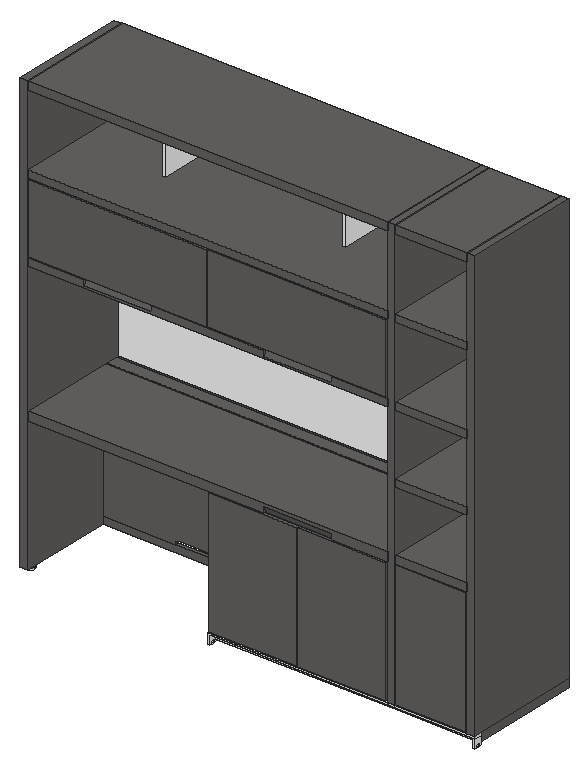
Revit family "Storage-Wall-Teknion-ZXRR_90_High_Without_Lights-R2011", category Furniture Systems, Revit 2013
Parameters (values of type "(See Type Catalog)")
  Working Wall Finish [instance] = Glass - Teknion - K6 - White Backpainted
  Width = 92.642"
  Warranty = "http://www.teknionstudio.com/pdfs/Teknion%20Studio%20Warranty.pdf"
  Wall Unit Finish [instance] = Veneer - Teknion - P7 - Grey Oak
  Unit Weight = 755.00 lbf
  URL = "www.teknionstudio.com"
  Tabletop Cutout Offset = if(Has Double Doors, 0", 4")  # 0"
  Storage Tower = Storage-Unit-Teknion-Tower : Upper Shelves & Lower Door
  Series = "B&B Italia"
  Product Page URL = "http://www.teknionstudio.com/acexecutive/"
  Product Line = "AC Executive"
  Product Documentation Link = "http://www.teknionstudio.com/pricing/ac_executive_storage_walls_ppg.pdf"
  Part Number = "ZXRR"
  Model = ""
  Manufacturer Phone = "919-464-2920"
  Manufacturer Fax = "919-464-2927"
  Manufacturer Email = "customersupport@teknionstudio.com"
  Manufacturer Address = "3940 US 70 Business HWY West, Clayton, NC 27520"
  Manufacturer = "Teknion Studio"  # constant formula
  Low Emitting Material = yes
  Low Emitting Finish = yes
  Height = 89.96"
  Has File File Drawers = not(Has Double Doors)  # no
  Has Double Doors = yes
  Description = ""
  Depth = 24"
  Assembly Code = "E2020200"
Reference planes (in)
  plane 1 "Center F/B": y = 0
  plane 2: z = 0
  plane 3 "Center L/R": x = 0
  plane 4 "Left": x = -46.321
  plane 5 "Right": x = 46.321
  plane 6 "Back": y = 12
  plane 7 "Front": y = -12
  plane 8 "Flip up Cabinets Top": z = 73.81394
  plane 9: x = 28.60446
  plane 10: z = 29.68402
  plane 11: z = 56.1289
  plane 12: x = -44.7815
  plane 13: z = 2.1289
  plane 14: x = -8.08858
  plane 15 "Foot Centerline": y = -11.2126
  plane 16 "Tabletop Cutout": y = -12
  plane 17 "Foot Centerline Front": y = -10.22835
  plane 18 "Foot Centerline Back": y = 10.22835
  plane 19 "Top": z = 89.96
  plane 20 "Center Lighting": y = -8.484
Forms (in)
  Sweep 1, solid, material "Veneer - Teknion - P7 - Grey Oak" <- "Wall Unit Finish"
    path origin (0, 0, 15.40683) x (-1, 0, 0) y (0, -1, 0)
      loop
        line (0, -12) -> (0, 12)
    profile origin (0, 0, 15.40683) x (1, 0, 0) y (0, 0, 1)
      loop
        line (-46.321, -14.81732) -> (-44.7815, -14.81732) -> (-44.7815, 74.55317) -> (-46.321, 74.55317) -> (-46.321, -14.81732)
  Sweep 2, solid, material "Metal - Teknion - C6 - Chrome"
    path origin (0, 0, 0) x (1, 0, 0) y (0, 0, 1)
      loop
        line (-8.08858, 0.05803) -> (-8.08858, 2.1289) -> (28.60446, 2.1289)
    profile origin (10.25794, 0, 2.1289) x (0, 0, 1) y (0, -1, 0)
      loop
        line (0, 12) -> (-0.394, 12) -> (-0.394, 10.4252) -> (0, 10.4252) -> (0, 12)
  Sweep 3, solid, material "Metal - Teknion - C6 - Chrome"
    path origin (0, 0, 0) x (1, 0, 0) y (0, 0, 1)
      loop
        line (-8.08858, 2.1289) -> (28.60446, 2.1289)
    profile origin (10.25794, 0, 2.1289) x (0, 0, 1) y (0, -1, 0)
      loop
        line (-0.394, 10.6222) -> (-1.5748, 10.6222) -> (-1.5748, 10.4252) -> (-0.394, 10.4252) -> (-0.394, 10.6222)
  Revolve 4, solid, material "Metal - Teknion - C6 - Chrome"
    sketch origin (0, -11.2126, 0) x (0, 0, -1) y (1, 0, 0)
      loop
        line (-0.4911, -7.89158) -> (-0.4911, -8.22623) -> (-0.45173, -8.2656) -> (-0.28492, -8.2656) -> (-0.24555, -8.22623) -> (-0.20618, -8.2656) -> (-0.03937, -8.2656) -> (0, -8.22623) -> (0, -7.89158) -> (-0.4911, -7.89158)
      axis (0, -7.89158) -> (-0.4911, -7.89158)
    angle from 0 to 360
  Sweep 5, solid, material "Veneer - Teknion - P7 - Grey Oak" <- "Wall Unit Finish"
    path origin (0, 0, 0) x (1, 0, 0) y (0, 0, 1)
      loop
        line (-44.7815, 29.68402) -> (28.60446, 29.68402)
    profile origin (-8.08852, 0, 29.68402) x (0, 0, 1) y (0, -1, 0)
      loop
        line (0, 12) -> (-1.7638, 12) -> (-1.7638, -7.11393) -> (-5.30827, -7.11393) -> (-5.30827, -7.08268) -> (-27.55512, -7.08268) -> (-27.55512, -7.11393) -> (-29.0945, -7.11393) -> (-29.0945, -7.80668) -> (-5.30828, -7.80668) -> (-5.30828, -12) -> (44.12992, -12) -> (44.12992, 12) -> (42.59055, 12) -> (42.59055, 11.2126) -> (27.98425, 11.2126) -> (27.98425, 12) -> (26.44488, 12) -> (26.44488, -10.94094) -> (0, -10.94094) -> (0, -10.90969) -> (-0.72441, -10.90969) -> (-0.72441, -10.56693) -> (0, -10.56693) -> (0, -8.05709) -> (-0.72441, -8.05709) -> (-0.72441, -7.80709) -> (0, -7.80709) -> (0, 12)
      loop
        line (60.27598, 12) -> (58.73661, 12) -> (58.73661, -12) -> (60.27598, -12) -> (60.27598, 12)
  Sweep 6, solid, material "Veneer - Teknion - P7 - Grey Oak" <- "Wall Unit Finish"
    path origin (0, 0, 0) x (1, 0, 0) y (0, 0, 1)
      loop
        line (-8.08858, 29.68402) -> (28.60446, 29.68402)
    profile origin (10.25794, 0, 29.68402) x (0, 0, 1) y (0, -1, 0)
      loop
        line (-1.7638, 11.27559) -> (-27.55512, 11.27559) -> (-27.55512, 10.4252) -> (-29.0945, 10.4252) -> (-29.0945, -12) -> (-1.7638, -12) -> (-1.7638, 11.27559)
  Sweep 7, solid, material "Veneer - Teknion - P7 - Grey Oak" <- "Wall Unit Finish"
    path origin (0, 0, 15.40683) x (-1, 0, 0) y (0, -1, 0)
      loop
        line (0, 12) -> (0, 11.276)
    profile origin (0, -11.638, 15.40683) x (-1, 0, 0) y (0, 0, 1)
      loop
        line (44.5315, 42.51144) -> (44.5315, 56.61773) -> (8.21358, 56.61773) -> (8.21358, 42.51144) -> (44.5315, 42.51144)
      loop
        line (7.96358, 56.61773) -> (-28.35446, 56.61773) -> (-28.35446, 42.51144) -> (7.96358, 42.51144) -> (7.96358, 56.61773)
  Sweep 8, solid, material "Veneer - Teknion - P7 - Grey Oak" <- "Wall Unit Finish", visible <- "Has Double Doors"
    path origin (0, 0, 15.40683) x (-1, 0, 0) y (0, -1, 0)
      loop
        line (0, 12) -> (0, 11.276)
    profile origin (0, -11.638, 15.40683) x (-1, 0, 0) y (0, 0, 1)
      loop
        line (7.83845, 12.26339) -> (-10.15274, 12.26339) -> (-10.15274, -13.03482) -> (7.83845, -13.03482) -> (7.83845, 12.26339)
      loop
        line (-10.40274, 12.26339) -> (-28.35446, 12.26339) -> (-28.35446, -13.02793) -> (-10.40274, -13.02793) -> (-10.40274, 12.26339)
  Sweep 9, solid, material "Veneer - Teknion - P7 - Grey Oak" <- "Wall Unit Finish", visible <- "Has File File Drawers"
    path origin (0, 0, 15.40683) x (-1, 0, 0) y (0, -1, 0)
      loop
        line (0, 12) -> (0, 11.276)
    profile origin (0, -11.638, 15.40683) x (-1, 0, 0) y (0, 0, 1)
      loop
        line (7.83845, 12.26339) -> (-28.35446, 12.26339) -> (-28.35446, 0.01144) -> (7.83845, 0.01144) -> (7.83845, 12.26339)
      loop
        line (-28.35446, -0.77597) -> (-28.35446, -13.03482) -> (7.83845, -13.03482) -> (7.83845, -0.77597) -> (-28.35446, -0.77597)
  Sweep 10, void
    path origin (0, 0, 0) x (1, 0, 0) y (0, 0, 1)
      loop
        line (3.38793, 29.68402) -> (17.16746, 29.68402)
    profile origin (10.27769, 0, 29.68402) x (0, 0, 1) y (0, -1, 0)
      loop
        line (-1.7638, 12) -> (-1.7638, 11.52756) -> (-0.66143, 12) -> (-1.7638, 12)
  Sweep 11, void
    path origin (0, 0, 0) x (1, 0, 0) y (0, 0, 1)
      loop
        line (-33.3248, 56.1289) -> (-19.54528, 56.1289)
    profile origin (-26.43504, 0, 56.1289) x (0, 0, 1) y (0, -1, 0)
      loop
        line (1.53937, 12) -> (0.43699, 12) -> (1.53937, 11.52755) -> (1.53937, 12)
  Sweep 12, void
    path origin (0, 0, 0) x (1, 0, 0) y (0, 0, 1)
      loop
        line (3.36811, 56.1289) -> (17.14764, 56.1289)
    profile origin (10.25787, 0, 56.1289) x (0, 0, 1) y (0, -1, 0)
      loop
        line (1.53937, 11.52755) -> (1.53937, 12) -> (0.43699, 12) -> (1.53937, 11.52755)
  Sweep 13, void
    path origin (0, 0, 15.40683) x (-1, 0, 0) y (0, -1, 0)
      loop
        line (0, -7.80668) -> (0, -7.08268)
    profile origin (0, 7.44468, 15.40683) x (1, 0, 0) y (0, 0, 1)
      loop
        line (-23.00998, 8.96892) -> (-29.89974, 8.96892) -> (-29.89974, 8.10396)
        arc (-29.89974, 8.10396) -> (-29.66912, 7.54718) -> (-29.11234, 7.31655) r 0.7874
        line (-29.11234, 7.31655) -> (-23.79738, 7.31655)
        arc (-23.79738, 7.31655) -> (-23.2406, 7.54718) -> (-23.00998, 8.10396) r 0.7874
        line (-23.00998, 8.10396) -> (-23.00998, 8.96892)
      loop
        line (-29.89974, -13.27793) -> (-23.00998, -13.27793) -> (-23.00998, -13.12045)
        arc (-23.00998, -13.12045) -> (-23.22907, -12.59152) -> (-23.75801, -12.37242) r 0.74803
        line (-23.75801, -12.37242) -> (-29.15171, -12.37242)
        arc (-29.15171, -12.37242) -> (-29.68065, -12.59152) -> (-29.89974, -13.12045) r 0.74803
        line (-29.89974, -13.12045) -> (-29.89974, -13.27793)
  Revolve 14, solid, material "Metal - Teknion - C6 - Chrome"
    sketch origin (0, -10.22835, 0) x (0, 0, 1) y (1, 0, 0)
      loop
        line (0, -45.55118) -> (0, -46.28917) -> (0.23622, -46.28917) -> (0.23622, -45.83352) -> (0.58951, -45.83352) -> (0.58951, -45.55118) -> (0, -45.55118)
      axis (0, -45.55118) -> (0.58951, -45.55118)
    angle from 0 to 360
  Revolve 15, solid, material "Metal - Teknion - C6 - Chrome"
    sketch origin (0, 10.22835, 0) x (0, 0, 1) y (1, 0, 0)
      loop
        line (0, -45.55118) -> (0, -46.28917) -> (0.23622, -46.28917) -> (0.23622, -45.83352) -> (0.58951, -45.83352) -> (0.58951, -45.55118) -> (0, -45.55118)
      axis (0, -45.55118) -> (0.58951, -45.55118)
    angle from 0 to 360
  Sweep 16, solid, material "Acrylic - Teknion - Clear"
    path origin (0, 0, 15.40683) x (-1, 0, 0) y (0, -1, 0)
      loop
        line (8.08858, -11.25197) -> (8.08858, 0.16535)
    profile origin (-8.08858, 5.54331, 15.40683) x (1, 0, 0) y (0, 0, 1)
      loop
        line (-18.64357, 73.0138) -> (-18.64357, 58.4071) -> (-18.04908, 58.4071) -> (-18.04908, 73.0138) -> (-18.64357, 73.0138)
      loop
        line (18.04935, 73.0138) -> (18.04935, 58.4071) -> (18.64383, 58.4071) -> (18.64383, 73.0138) -> (18.04935, 73.0138)
Cuts and joins
  joined: Sweep 2, Sweep 3, Revolve 4
  Sweep 10, Sweep 11, Sweep 12, Sweep 13 cuts Sweep 5
  joined: Sweep 5, Sweep 6
Lines and regions (in)
  Masking region 1
    outline origin (0, 0, 15.40683) x (-1, 0, 0) y (0, -1, 0)
      loop
        line (46.321, -12) -> (46.321, 12) -> (-28.60446, 12) -> (-28.60446, -12) -> (46.321, -12)
  symbolic lines, style "Elevation Swing"
    curve 1: line (-44.7815, -12, 57.66827) -> (-26.43504, -12, 72.02457)
    curve 2: line (-8.08858, -12, 57.66832) -> (-26.43504, -12, 72.02457)
    curve 3: line (-8.08858, 0, 57.66832) -> (10.25794, 0, 72.19583)
    curve 4: line (10.25794, 0, 72.19583) -> (28.60446, 0, 57.66827)
  symbolic lines, detail levels medium+fine
    curve 5: line (-44.7815, 12, 15.40683) -> (-44.7815, -12, 15.40683)
  symbolic lines, style "FurnitureSystemsHiddenLines", detail levels fine
    curve 6: line (28.60446, -11.276, 15.40683) -> (-44.7815, -11.276, 15.40683)
    curve 8: line (-8.08858, 12, 15.40683) -> (-8.08858, -12, 15.40683)
  symbolic lines, visible <- "Has Double Doors"
    curve 7: line (-8.08858, -12, 15.40683) -> (-8.08858, -30.34652, 15.40683)
    curve 9: arc (10.25794, -12, 15.40683) -> (15.63151, -24.97295, 15.40683) -> (28.60446, -30.34652, 15.40683) r 18.34652
    curve 10: line (28.60446, -12, 15.40683) -> (28.60446, -30.34652, 15.40683)
    curve 11: arc (-8.08858, -30.34652, 15.40683) -> (4.88437, -24.97295, 15.40683) -> (10.25794, -12, 15.40683) r 18.34652
  symbolic lines, style "FurnitureSystemsHiddenLines", visible <- "Has Double Doors"
    curve 12: line (10.15274, 0, 27.67022) -> (-7.83845, 0, 15.02111)
    curve 13: line (-7.83845, 0, 15.02111) -> (10.15274, 0, 2.37201)
    curve 14: line (10.40274, 0, 2.3789) -> (28.35446, 0, 15.02456)
    curve 15: line (28.35446, 0, 15.02456) -> (10.40274, 0, 27.67022)
Dimensions and locks (in)
  equal spacing: plane 4 "Left", plane 3 "Center L/R", plane 5 "Right"
  "Width": plane 4 "Left" to plane 5 "Right"
  equal spacing: plane 6 "Back", plane 1 "Center F/B", plane 7 "Front"
  "Depth": plane 6 "Back" to plane 7 "Front"
  locked: plane 9 to plane 5 "Right" at 17.71654
  "Height": plane 19 "Top" to plane 2
  locked: plane 10 to plane 2 at 29.68402
  locked: plane 11 to plane 10 at 26.44488
  locked: plane 13 to plane 2 at 2.1289
  locked: Sweep 2 sketch curve to plane 2 at 0.05803
  locked: plane 13 to Sweep 3 sketch curve at 0.394
  locked: Sweep 3 sketch curve to Sweep 3 sketch curve at 1.1808
  plane 7 "Front" to Sweep 3 sketch curve to Sweep 3 sketch curve = 1.3778" locked, 0.197" locked
  locked: Revolve 4 sketch curve to plane 2 at 0.4911
  locked: plane 14 to Revolve 4 sketch curve at 0.17702  (x2)
  Revolve 4 sketch curve to Revolve 4 sketch curve to Revolve 4 sketch curve to Revolve 4 sketch curve to Revolve 4 sketch curve to plane 2 = 0.16681" locked, 0.03937" locked, 0.03937" locked, 0.16681" locked, 0.03937" locked
  locked: Revolve 4 sketch curve to plane 14 at 0.197
  locked: plane 7 "Front" to plane 15 "Foot Centerline" at 0.7874
  locked: plane 13 to Sweep 5 sketch curve at 1.53939
  locked: plane 10 to Sweep 5 sketch curve at 1.7638
  locked: Sweep 1 sketch curve to plane 2 at 0.58951
  Sweep 6 sketch curve to Sweep 6 sketch curve to plane 6 "Back" = 23.27559", 0"
  locked: plane 10 to Sweep 6 sketch curve at 1.7638
  locked: plane 7 "Front" to Sweep 6 sketch curve at 1.5748
  locked: plane 14 to plane 3 "Center L/R" at 8.08858
  locked: plane 7 "Front" to Sweep 7 sketch curve at 0.724
  plane 8 "Flip up Cabinets Top" to Sweep 7 sketch curve to Sweep 7 sketch curve = 1.78937" locked, 14.1063" locked
  plane 8 "Flip up Cabinets Top" to Sweep 7 sketch curve to Sweep 7 sketch curve = 1.78937", 14.1063"
  Sweep 7 sketch curve to plane 3 "Center L/R" to Sweep 7 sketch curve to Sweep 7 sketch curve to Sweep 7 sketch curve = 28.35446" locked, 7.96358" locked, 1/4" locked, 36.31791" locked
  locked: plane 7 "Front" to Sweep 8 sketch curve at 0.724
  locked: plane 10 to Sweep 8 sketch curve at 2.0138  (x2)
  locked: Sweep 8 sketch curve to Sweep 8 sketch curve at 25.29821
  locked: Sweep 8 sketch curve to Sweep 8 sketch curve at 25.29132
  Sweep 8 sketch curve to Sweep 8 sketch curve to Sweep 8 sketch curve to Sweep 8 sketch curve to plane 14 = 17.95173" locked, 1/4" locked, 17.99118" locked, 0.25013" locked
  locked: plane 7 "Front" to Sweep 9 sketch curve at 0.724
  plane 10 to Sweep 9 sketch curve to Sweep 9 sketch curve to Sweep 9 sketch curve to Sweep 9 sketch curve = 2.0138" locked, 12.25195" locked, 0.7874" locked, 12.25886" locked
  Sweep 9 sketch curve to Sweep 9 sketch curve to plane 14 = 36.19291" locked, 0.25013" locked  (x2)
  Sweep 10 sketch curve to Sweep 10 sketch curve to plane 14 = 13.77953" locked, 11.47651" locked
  locked: plane 10 to Sweep 10 sketch curve at 1.7638
  locked: plane 16 "Tabletop Cutout" to Sweep 10 sketch curve at 0.47244
  "Tabletop Cutout Offset": plane 16 "Tabletop Cutout" to plane 7 "Front"
  Sweep 11 sketch curve to Sweep 11 sketch curve to plane 4 "Left" = 13.77953" locked, 12.9962" locked
  locked: Sweep 11 sketch curve to plane 11 at 1.53937
  locked: Sweep 11 sketch curve to plane 11 at 0.43699
  locked: plane 7 "Front" to Sweep 11 sketch curve at 0.47245
  Sweep 12 sketch curve to Sweep 12 sketch curve to plane 11 = 1.10238" locked, 0.43699" locked
  locked: plane 7 "Front" to Sweep 12 sketch curve at 0.47245
  locked: Sweep 13 sketch curve to plane 13 at 0.90551
  plane 14 to Sweep 13 sketch curve to Sweep 13 sketch curve = 14.92139" locked, 6.88976" locked  (x2)
  plane 10 to Sweep 13 sketch curve to Sweep 13 sketch curve = 5.30827" locked, 1 167/256" locked
  plane 6 "Back" to Sweep 13 sketch curve to Sweep 13 sketch curve = 4.19332" locked, 0.724" locked
  locked: Revolve 14 sketch curve to plane 4 "Left" at 0.76982
  Revolve 14 sketch curve to Revolve 14 sketch curve to plane 2 = 0.35329" locked, 0.23622" locked
  locked: Revolve 14 sketch curve to plane 4 "Left" at 0.03183
  locked: Revolve 15 sketch curve to plane 4 "Left" at 0.76982
  Revolve 15 sketch curve to Revolve 15 sketch curve to plane 2 = 0.35329" locked, 0.23622" locked
  locked: Revolve 15 sketch curve to plane 4 "Left" at 0.03183
  equal spacing: plane 14, curve 2, plane 12
  equal spacing: plane 9, curve 4, plane 14
  locked: plane 7 "Front" to curve 6 at 0.724
  plane 6 "Back" to Sweep 16 sketch curve to Sweep 16 sketch curve = 0.74803" locked, 11.41732" locked
  Sweep 16 sketch curve to Sweep 16 sketch curve to plane 14 = 0.59449" locked, 18.04935" locked
  plane 14 to Sweep 16 sketch curve to Sweep 16 sketch curve = 18.04908" locked, 0.59449" locked
  locked: plane 19 "Top" to Sweep 5 sketch curve at 1.53937
  locked: plane 8 "Flip up Cabinets Top" to Sweep 5 sketch curve at 1.53937
  locked: Sweep 5 sketch curve to plane 11 at 1.53937
  locked: plane 4 "Left" to plane 12 at 1.5395
  locked: plane 19 "Top" to plane 8 "Flip up Cabinets Top" at 16.14606
  locked: plane 6 "Back" to plane 18 "Foot Centerline Back" at 1.77165
  locked: plane 17 "Foot Centerline Front" to plane 7 "Front" at 1.77165
  plane 12 to plane 14 = 36.69291"
  locked: plane 7 "Front" to plane 20 "Center Lighting" at 3.516
  locked: plane 13 to Sweep 2 sketch curve at 0.394
  locked: plane 7 "Front" to Sweep 2 sketch curve at 1.5748
  aligned and locked: level to plane 2
  aligned and locked: nested 1 to plane 5 "Right"
  aligned and locked: plane 6 "Back" to Sweep 1 sketch curve
  aligned and locked: plane 7 "Front" to Sweep 1 sketch curve
  aligned and locked: Sweep 1 sketch curve to plane 3 "Center L/R"
  aligned and locked: plane 4 "Left" to Sweep 1 sketch curve  (x2)
  aligned and locked: Sweep 2 sketch curve to plane 13  (x2)
  aligned and locked: Sweep 2 sketch curve to plane 7 "Front"
  aligned and locked: Sweep 3 sketch curve to plane 13
  aligned and locked: plane 2 to Revolve 4 sketch curve
  aligned and locked: Revolve 4 sketch curve to plane 2
  aligned and locked: plane 12 to Sweep 5 sketch curve
  aligned and locked: plane 9 to Sweep 5 sketch curve
  aligned and locked: Sweep 5 sketch curve to plane 10  (x3)
  aligned and locked: Sweep 5 sketch curve to plane 7 "Front"  (x3)
  aligned and locked: plane 6 "Back" to Sweep 5 sketch curve
  aligned and locked: Sweep 6 sketch curve to plane 10
  aligned and locked: plane 13 to Sweep 6 sketch curve
  aligned and locked: plane 3 "Center L/R" to Sweep 7 sketch curve
  aligned and locked: plane 7 "Front" to Sweep 7 sketch curve
  aligned and locked: Sweep 5 sketch curve to plane 11
  aligned and locked: plane 3 "Center L/R" to Sweep 8 sketch curve
  aligned and locked: plane 7 "Front" to Sweep 8 sketch curve
  aligned and locked: plane 7 "Front" to Sweep 9 sketch curve
  aligned and locked: plane 3 "Center L/R" to Sweep 9 sketch curve
  aligned and locked: Sweep 10 sketch curve to plane 10
  aligned and locked: plane 16 "Tabletop Cutout" to Sweep 10 sketch curve
  aligned and locked: Sweep 11 sketch curve to plane 11
  aligned and locked: Sweep 12 sketch curve to plane 11
  aligned and locked: Sweep 12 sketch curve to plane 7 "Front"
  aligned and locked: Sweep 13 sketch curve to plane 3 "Center L/R"
  aligned and locked: Sweep 13 sketch curve to plane 13
  aligned and locked: plane 2 to Revolve 14 sketch curve
  aligned and locked: Revolve 15 sketch curve to plane 2
  aligned and locked: plane 12 to curve 1
  aligned and locked: plane 14 to curve 2
  aligned and locked: Sweep 7 to curve 2
  aligned and locked: plane 9 to curve 4
  aligned and locked: plane 14 to curve 3
  aligned and locked: Masking region 1 sketch curve to plane 6 "Back"
  aligned and locked: plane 4 "Left" to Masking region 1 sketch curve
  aligned and locked: Masking region 1 sketch curve to plane 7 "Front"
  aligned and locked: Masking region 1 sketch curve to nested 1
  aligned and locked: plane 6 "Back" to curve 5
  aligned and locked: plane 7 "Front" to curve 5
  aligned and locked: curve 5 to plane 12
  aligned and locked: plane 9 to curve 6
  aligned and locked: curve 8 to plane 14
  aligned and locked: plane 7 "Front" to Sweep 11 sketch curve
  aligned and locked: Sweep 1 sketch curve to plane 19 "Top"
  aligned and locked: Sweep 16 sketch curve to plane 14
  aligned and locked: plane 8 "Flip up Cabinets Top" to Sweep 16 sketch curve  (x2)
  aligned and locked: Sweep 5 sketch curve to plane 8 "Flip up Cabinets Top"
  aligned and locked: Sweep 5 sketch curve to plane 6 "Back"
  aligned and locked: Sweep 5 sketch curve to plane 19 "Top"
  aligned and locked: Sweep 5 sketch curve to plane 15 "Foot Centerline"
  aligned and locked: plane 7 "Front" to Sweep 5 sketch curve
  aligned and locked: plane 2 to nested 1
  aligned and locked: Sweep 1 sketch curve to plane 12
  aligned and locked: plane 1 "Center F/B" to nested 1
  aligned and locked: curve 10 to plane 9
  aligned and locked: curve 8 to curve 7
  aligned and locked: plane 9 to Sweep 2 sketch curve
  aligned and locked: Sweep 2 sketch curve to plane 14
  aligned and locked: plane 14 to Sweep 3 sketch curve
  aligned and locked: plane 9 to Sweep 3 sketch curve
  aligned and locked: plane 14 to Sweep 6 sketch curve
  aligned and locked: plane 9 to Sweep 6 sketch curve
  aligned and locked: plane 7 "Front" to curve 10
  aligned and locked: Sweep 8 to plane 7 "Front"
  aligned and locked: plane 7 "Front" to curve 9
  aligned and locked: plane 6 "Back" to curve 8
  aligned and locked: plane 7 "Front" to curve 8
Automatic sketch dimensions
  Sweep 6 sketch curve to Sweep 6 sketch curve = 1.53939"
  profile plane to Sweep 10 sketch curve = 0.66143"
  plane 3 "Center L/R" to Sweep 12 sketch curve = 3.36811"
  Sweep 12 sketch curve to plane 9 = 11.45683"
  Sweep 13 sketch curve to Sweep 13 sketch curve = 0.7874"  (x2)
  Sweep 13 sketch curve to Sweep 13 sketch curve = 0.15748"  (x2)
  Revolve 14 sketch curve to level = 0"
  Revolve 14 sketch curve to Revolve 14 sketch curve = 0"  (x2)
  Revolve 14 sketch curve to Revolve 14 sketch curve = 0.28234"
  Revolve 15 sketch curve to level = 0"
  Revolve 15 sketch curve to Revolve 15 sketch curve = 0"  (x2)
  Revolve 15 sketch curve to Revolve 15 sketch curve = 0.28234"
  plane 11 to curve 2 = 1.53942"
  plane 11 to curve 1 = 1.53937"
  Sweep 16 sketch curve to Sweep 16 sketch curve = 14.60669"  (x2)
  profile plane to Sweep 5 sketch curve = 0"
  Sweep 5 sketch curve to Sweep 5 sketch curve = 1.53939"
  Sweep 5 sketch curve to Sweep 5 sketch curve = 3.54449"
  Sweep 5 sketch curve to Sweep 5 sketch curve = 0"
  Sweep 5 sketch curve to Sweep 5 sketch curve = 0.72441"
  profile plane to Sweep 5 sketch curve = 0.72441"
  Sweep 5 sketch curve to plane 1 "Center F/B" = 10.94094"
  Sweep 5 sketch curve to Sweep 5 sketch curve = 1/32"  (x2)
  Sweep 5 sketch curve to Sweep 5 sketch curve = 0.34277"
  Sweep 5 sketch curve to Sweep 5 sketch curve = 2.50984"
  Sweep 5 sketch curve to Sweep 5 sketch curve = 1/4"
  Sweep 5 sketch curve to Sweep 5 sketch curve = 4.19332"
  Sweep 5 sketch curve to Sweep 5 sketch curve = 0.69275"
  Sweep 5 sketch curve to Sweep 5 sketch curve = 0.69316"
  Revolve 4 sketch curve to Revolve 4 sketch curve = 0"  (x2)
  Revolve 4 sketch curve to Revolve 4 sketch curve = 0.03937"  (x2)
  plane 14 to curve 13 = 0.25013"
  curve 12 to plane 10 = 2.0138"
  plane 3 "Center L/R" to curve 12 = 10.15274"
  plane 13 to curve 13 = 0.24311"
  plane 3 "Center L/R" to curve 13 = 10.15274"
  curve 15 to plane 10 = 2.0138"
  curve 12 to curve 15 = 1/4"
  plane 13 to curve 14 = 1/4"
  curve 13 to curve 14 = 1/4"
  curve 15 to plane 9 = 1/4"
  plane 13 to curve 12 = 12.89222"
  plane 13 to curve 14 = 12.89566"
  plane 11 to curve 4 = 1.53937"
  plane 11 to curve 3 = 1.53942"
  curve 3 to plane 8 "Flip up Cabinets Top" = 1.61811"
  plane 7 "Front" to curve 11 = 0"
  plane 3 "Center L/R" to curve 9 = 10.25794"
Nested families (in)
  nested 1: "Storage-Unit-Teknion-Tower" at (37.46273, 0, 0), Height <- "Height", type <- "Storage Tower", type "Upper Shelves & Lower Door"
    with Height 89.96", Has Top Shelf yes, Bottom Drawer Height 26.016"
Definition of nested family "Storage-Unit-Teknion-Tower"
  Parameters (values of type "Upper Wardrobe & Lower Door")
    Width = 17.71654"
    Warranty = "http://www.teknionstudio.com/pdfs/Teknion%20Studio%20Warranty.pdf"
    Wall Unit Finish = Veneer - Teknion - P8 - Light Brushed Oak
    URL = "www.teknionstudio.com"
    Series = "B&B Italia"
    Product Line = "AC Executive"
    Model = ""
    Middle Drawer Height = if(Has Top Drawer, 6.425", 12.719")  # 12.719"
    Manufacturer Phone = "919-464-2920"
    Manufacturer Fax = "919-464-2927"
    Manufacturer Email = "customersupport@teknionstudio.com"
    Manufacturer Address = "3940 US 70 Business HWY West, Clayton, NC 27520"
    Manufacturer = "Teknion Studio"  # constant formula
    Height [instance] = 73.81394"
    Has Top Shelf [instance] = and(Height > 75", Has Shelves)  # no
    Has Top Drawer = no
    Has Top Door = yes
    Has Shelves = no
    Has Right Leg = yes
    Has Middle Drawer = no
    Has Lower Shelf = yes
    Has Left Leg = no
    Has Full Wardrobe Door = no
    Has Doors = yes
    Door Projection Symbol = yes
    Description = "Tower Storage Unit"
    Depth = 24"
    Bottom Drawer Height [instance] = if(Has Middle Drawer, 13.047", if(Has Top Drawer, 13.047", if(Has Full Wardrobe Door, (Height - 3.668"), 26.016")))  # 26.016"
    Assembly Code = "E2010200"
  Types (7): name | Wall Unit Finish | Series | Product Line | Middle Drawer Height | Has Top Drawer | Has Top Door | Has Shelves | Has Middle Drawer | Has Lower Shelf | Has Full Wardrobe Door | Has Doors | Door Projection Symbol | Bottom Drawer Height
    Upper Shelves & Lower Door | none | "AC Executive" | "" | 12.719" | no | no | yes | no | yes | no | yes | yes | 26.016"
    Upper Shelves & File/File Pedestal | none | "AC Executive" | "" | 12.719" | no | no | yes | yes | yes | no | no | no | 13.047"
    Upper Shelves & Box/Box/File Pedestal | Veneer - Teknion - P8 - Light Brushed Oak | "AC Executive" | "" | 6.425" | yes | no | yes | yes | yes | yes | no | no | 13.047"
    Full Wardrobe | none | "AC Executive" | "" | 12.719" | no | no | no | no | no | yes | yes | yes | 70.14594"
    Upper Wardrobe & Lower Door | Veneer - Teknion - P8 - Light Brushed Oak | "B&B Italia" | "AC Executive" | 12.719" | no | yes | no | no | yes | no | yes | yes | 26.016"
    Upper Wardrobe & File/File Pedestal | none | "AC Executive" | "" | 12.719" | no | yes | no | yes | yes | no | no | yes | 13.047"
    Upper Wardrobe & Box/Box/File Pedestal | none | "AC Executive" | "" | 6.425" | yes | yes | no | yes | yes | no | no | yes | 13.047"
  Reference planes (in)
    plane 1 "Center F/B": y = 0
    plane 2: z = 0
    plane 3 "Center L/R": x = 0
    plane 4 "Left": x = -8.85827
    plane 5 "Right": x = 8.85827
    plane 6 "Back": y = 12
    plane 7 "Front": y = -12
    plane 8 "Top": z = 73.81394
    plane 9: x = -7.3189
    plane 10: x = 7.3189
    plane 11: z = 2.1289
    plane 12 "Foot Centerline": y = -11.2126
    plane 13: z = 29.68402
    plane 14 "Drawer 1 Top": z = 28.1449
    plane 15 "Drawer 2 Top": z = 40.8639
    plane 16 "Drawer 3 Top": z = 27.89502
    plane 17: z = 42.13677
  Forms (in)
    Sweep 1, solid, material "Metal - Teknion - C6 - Chrome", visible <- "Has Left Leg"
      path origin (0, -12, 0) x (1, 0, 0) y (0, 0, 1)
        loop
          line (-8.85827, 1.7349) -> (-8.85827, 0.05803)
      profile origin (-8.85827, -12, 0.89646) x (0, -1, 0) y (1, 0, 0)
        loop
          line (-1.5748, 0) -> (0, 0) -> (0, 0.394) -> (-1.5748, 0.394) -> (-1.5748, 0)
    Sweep 2, solid, material "Metal - Teknion - C6 - Chrome"
      path origin (0, -12, 0) x (1, 0, 0) y (0, 0, 1)
        loop
          line (-8.85827, 2.1289) -> (8.46427, 2.1289)
      profile origin (-0.197, -12, 2.1289) x (0, 0, 1) y (0, -1, 0)
        loop
          line (-0.394, -1.5748) -> (-0.394, -1.3778) -> (-1.575, -1.3778) -> (-1.575, -1.5748) -> (-0.394, -1.5748)
    Revolve 3, solid, material "Metal - Teknion - C6 - Chrome"
      sketch origin (0, -11.2126, 0) x (0, 0, -1) y (1, 0, 0)
        loop
          line (-0.4911, 8.32677) -> (-0.45173, 8.2874) -> (-0.28492, 8.2874) -> (-0.24555, 8.32677) -> (-0.20618, 8.2874) -> (-0.03937, 8.2874) -> (0, 8.32677) -> (0, 8.66142) -> (-0.4911, 8.66142) -> (-0.4911, 8.32677)
        axis (0, 8.66142) -> (-0.4911, 8.66142)
      angle from 0 to 360
    Revolve 4, solid, material "Metal - Teknion - C6 - Chrome", visible <- "Has Left Leg"
      sketch origin (0, -11.2126, 0) x (0, 0, -1) y (1, 0, 0)
        loop
          line (0, -8.99606) -> (0, -8.66142) -> (-0.4911, -8.66142) -> (-0.4911, -8.99606) -> (-0.45173, -9.03543) -> (-0.28492, -9.03543) -> (-0.24555, -8.99606) -> (-0.20618, -9.03543) -> (-0.03937, -9.03543) -> (0, -8.99606)
        axis (0, -8.66142) -> (-0.4911, -8.66142)
      angle from 0 to 360
    Sweep 5, solid, material "Veneer - Teknion - P8 - Light Brushed Oak" <- "Wall Unit Finish"
      path origin (0, 0, 0) x (1, 0, 0) y (0, 0, 1)
        loop
          line (0, 2.1289) -> (0, 73.81394)
      profile origin (0, 0, 37.97142) x (-1, 0, 0) y (0, -1, 0)
        loop
          line (8.85827, -12) -> (8.85827, 12) -> (7.3189, 12) -> (7.3189, -12) -> (8.85827, -12)
        loop
          line (-7.3189, 12) -> (-8.85827, 12) -> (-8.85827, -12) -> (-7.3189, -12) -> (-7.3189, 12)
    Sweep 6, solid, material "Veneer - Teknion - P8 - Light Brushed Oak" <- "Wall Unit Finish"
      path origin (0, 0, 15.40683) x (-1, 0, 0) y (0, -1, 0)
        loop
          line (0, -12) -> (0, 12)
      profile origin (0, 0, 15.40683) x (1, 0, 0) y (0, 0, 1)
        loop
          line (-7.3189, 58.4071) -> (-7.3189, 56.86773) -> (7.3189, 56.86773) -> (7.3189, 58.4071) -> (-7.3189, 58.4071)
    Sweep 7, solid, material "Veneer - Teknion - P8 - Light Brushed Oak" <- "Wall Unit Finish"
      path origin (0, -12, 0) x (1, 0, 0) y (0, 0, 1)
        loop
          line (0, 2.1289) -> (0, 72.27457)
      profile origin (0, -12, 37.20173) x (-1, 0, 0) y (0, -1, 0)
        loop
          line (7.3189, -24) -> (7.3189, -23.25) -> (-7.3189, -23.25) -> (-7.3189, -24) -> (7.3189, -24)
    Sweep 8, solid, material "Veneer - Teknion - P8 - Light Brushed Oak" <- "Wall Unit Finish", visible <- "Has Lower Shelf"
      path origin (0, -12, 0) x (1, 0, 0) y (0, 0, 1)
        loop
          line (-7.3189, 29.68402) -> (7.3189, 29.68402)
      profile origin (0, -12, 29.68402) x (0, 0, 1) y (0, -1, 0)
        loop
          line (0, 0) -> (-1.539, 0) -> (-1.539, -0.724) -> (-27.55512, -0.724) -> (-27.55512, -23.25) -> (0, -23.25) -> (0, 0)
    Sweep 9, solid, material "Veneer - Teknion - P8 - Light Brushed Oak" <- "Wall Unit Finish"
      path origin (0, -12, 0) x (1, 0, 0) y (0, 0, 1)
        loop
          line (0, 2.3789) -> (0, 27.8949)
      profile origin (0, -12, 15.1369) x (-1, 0, 0) y (0, -1, 0)
        loop
          line (7.0689, -0.724) -> (7.0689, 0) -> (-7.0689, 0) -> (-7.0689, -0.724) -> (7.0689, -0.724)
    Sweep 10, solid, material "Veneer - Teknion - P8 - Light Brushed Oak" <- "Wall Unit Finish", visible <- "Has Middle Drawer"
      path origin (0, -12, 0) x (1, 0, 0) y (0, 0, 1)
        loop
          line (0, 28.1449) -> (0, 40.8639)
      profile origin (0, -12, 34.5044) x (-1, 0, 0) y (0, -1, 0)
        loop
          line (7.0689, -0.724) -> (7.0689, 0) -> (-7.0689, 0) -> (-7.0689, -0.724) -> (7.0689, -0.724)
    Sweep 11, solid, material "Veneer - Teknion - P8 - Light Brushed Oak" <- "Wall Unit Finish", visible <- "Has Top Drawer"
      path origin (0, -12, 0) x (1, 0, 0) y (0, 0, 1)
        loop
          line (0, 47.15802) -> (0, 41.1139)
      profile origin (0, -12, 44.13596) x (0, -1, 0) y (1, 0, 0)
        loop
          line (0, 7.0689) -> (-0.724, 7.0689) -> (-0.724, -7.0689) -> (0, -7.0689) -> (0, 7.0689)
    Sweep 12, solid, material "Veneer - Teknion - P8 - Light Brushed Oak" <- "Wall Unit Finish", visible <- "Has Shelves"
      path origin (0, -12, 0) x (1, 0, 0) y (0, 0, 1)
        loop
          line (0, 42.13677) -> (0, 43.67614)
      profile origin (0, -12, 42.90646) x (-1, 0, 0) y (0, -1, 0)
        loop
          line (7.3189, -23.25) -> (7.3189, 0) -> (-7.3189, 0) -> (-7.3189, -23.25) -> (7.3189, -23.25)
    Sweep 13, solid, material "Veneer - Teknion - P8 - Light Brushed Oak" <- "Wall Unit Finish", visible <- "Has Shelves"
      path origin (0, -12, 13.9918) x (1, 0, 0) y (0, 0, 1)
        loop
          line (0, 42.13677) -> (0, 43.67614)
      profile origin (0, -12, 56.89825) x (-1, 0, 0) y (0, -1, 0)
        loop
          line (7.3189, -23.25) -> (7.3189, 0) -> (-7.3189, 0) -> (-7.3189, -23.25) -> (7.3189, -23.25)
    Sweep 14, solid, material "Veneer - Teknion - P8 - Light Brushed Oak" <- "Wall Unit Finish", visible <- "Has Top Door"
      path origin (0, -12, 0) x (1, 0, 0) y (0, 0, 1)
        loop
          line (0, 29.93402) -> (0, 72.02457)
      profile origin (0, -12, 50.97929) x (-1, 0, 0) y (0, -1, 0)
        loop
          line (7.0689, -0.724) -> (7.0689, 0) -> (-7.0689, 0) -> (-7.0689, -0.724) -> (7.0689, -0.724)
    Sweep 15, solid, material "Veneer - Teknion - P8 - Light Brushed Oak" <- "Wall Unit Finish"
      path origin (0, -12, 0) x (1, 0, 0) y (0, 0, 1)
        loop
          line (-8.85827, 2.1289) -> (8.85827, 2.1289)
      profile origin (0, -12, 2.1289) x (0, 0, 1) y (0, -1, 0)
        loop
          line (0, -1.5748) -> (-1.53937, -1.5748) -> (-1.53937, -24) -> (0, -24) -> (0, -1.5748)
    Sweep 16, solid, material "Veneer - Teknion - P8 - Light Brushed Oak" <- "Wall Unit Finish", visible <- "Has Top Shelf"
      path origin (0, 0, 0) x (1, 0, 0) y (0, 0, 1)
        loop
          line (0, 73.81394) -> (0, 72.27457)
      profile origin (0, 0, 73.04425) x (0, -1, 0) y (1, 0, 0)
        loop
          line (-11.25, -7.3189) -> (12, -7.3189) -> (12, 7.3189) -> (-11.25, 7.3189) -> (-11.25, -7.3189)
    Sweep 17, solid, material "Metal - Teknion - C6 - Chrome"
      path origin (0, 0, 0) x (1, 0, 0) y (0, 0, 1)
        loop
          line (-8.85827, 2.1289) -> (8.85827, 2.1289)
      profile origin (0, 0, 2.1289) x (0, 0, 1) y (0, -1, 0)
        loop
          line (0, 10.4252) -> (0, 12) -> (-0.394, 12) -> (-0.394, 10.4252) -> (0, 10.4252)
    Sweep 18, solid, material "Metal - Teknion - C6 - Chrome"
      path origin (0, 0, 0) x (1, 0, 0) y (0, 0, 1)
        loop
          line (8.85827, 1.7349) -> (8.85827, 0.05803)
      profile origin (8.85827, 0, 0.89646) x (0, -1, 0) y (1, 0, 0)
        loop
          line (10.4252, -0.394) -> (12, -0.394) -> (12, 0) -> (10.4252, 0) -> (10.4252, -0.394)
  Lines and regions (in)
    Masking region 1
      outline origin (0, 0, 15.40683) x (-1, 0, 0) y (0, -1, 0)
        loop
          line (8.85827, -12) -> (8.85827, 12) -> (-8.85827, 12) -> (-8.85827, -12) -> (8.85827, -12)
    symbolic lines, style "FurnitureSystems", detail levels medium+fine
      curve 1: line (-7.3189, 12, 15.40683) -> (-7.3189, -12, 15.40683)
      curve 2: line (7.3189, 12, 15.40683) -> (7.3189, -12, 15.40683)
    symbolic lines, style "FurnitureSystemsHiddenLines", detail levels fine
      curve 3: line (-7.3189, -11.276, 15.40683) -> (7.3189, -11.276, 15.40683)
    symbolic lines, style "Elevation Swing", visible <- "Has Doors"
      curve 4: line (-7.3189, -12, 2.1289) -> (7.3189, -12, 15.1369)
      curve 5: line (7.3189, -12, 15.1369) -> (-7.3189, -12, 28.1449)
    symbolic lines, style "Elevation Swing", visible <- "Has Top Door"
      curve 6: line (-7.3189, -12, 29.68402) -> (7.3189, -12, 50.97929)
      curve 7: line (7.3189, -12, 50.97929) -> (-7.3189, -12, 72.27457)
    symbolic lines, style "FurnitureSystems", visible <- "Door Projection Symbol"
      curve 8: arc (-7.3189, -12, 0) -> (-3.03159, -22.35048, 0) -> (7.3189, -26.6378, 0) r 14.6378
    symbolic lines, visible <- "Door Projection Symbol"
      curve 9: line (7.3189, -12, 15.40683) -> (7.3189, -26.6378, 15.40683)
  Dimensions and locks (in)
    equal spacing: plane 4 "Left", plane 3 "Center L/R", plane 5 "Right"
    "Width": plane 4 "Left" to plane 5 "Right"
    equal spacing: plane 6 "Back", plane 1 "Center F/B", plane 7 "Front"
    "Depth": plane 6 "Back" to plane 7 "Front"
    locked: plane 4 "Left" to plane 9 at 1.53937
    locked: plane 10 to plane 5 "Right" at 1.53937
    "Height": plane 8 "Top" to level
    locked: Sweep 1 sketch curve to level at 0.05803
    locked: plane 11 to plane 2 at 2.1289
    plane 11 to Sweep 2 sketch curve to Sweep 2 sketch curve = 0.394" locked, 1.181" locked
    plane 7 "Front" to Sweep 2 sketch curve to Sweep 2 sketch curve = 1.3778" locked, 0.197" locked
    locked: Revolve 3 sketch curve to plane 2 at 0.4911  (x2)
    locked: plane 5 "Right" to Revolve 3 sketch curve at 0.57087
    locked: plane 7 "Front" to plane 12 "Foot Centerline" at 0.7874
    Revolve 3 sketch curve to Revolve 3 sketch curve to Revolve 3 sketch curve to Revolve 3 sketch curve to plane 2 = 0.16681" locked, 0.07874" locked, 0.16681" locked, 0.03937" locked
    locked: Revolve 4 sketch curve to plane 2 at 0.4911  (x2)
    locked: Revolve 4 sketch curve to Revolve 4 sketch curve at 0.37402
    Revolve 4 sketch curve to Revolve 4 sketch curve to Revolve 4 sketch curve to Revolve 4 sketch curve to plane 2 = 0.16681" locked, 0.07874" locked, 0.16681" locked, 0.03937" locked
    locked: Revolve 4 sketch curve to plane 4 "Left" at 0.19685
    locked: plane 8 "Top" to Sweep 6 sketch curve at 1.53937
    locked: plane 8 "Top" to Sweep 7 sketch curve at 1.53937
    locked: plane 6 "Back" to Sweep 7 sketch curve at 0.75
    locked: plane 13 to plane 2 at 29.68402
    locked: plane 7 "Front" to Sweep 8 sketch curve at 0.724
    locked: plane 13 to Sweep 8 sketch curve at 1.539
    locked: plane 13 to plane 16 "Drawer 3 Top" at 1.789
    "Bottom Drawer Height": plane 14 "Drawer 1 Top" to plane 11
    "Middle Drawer Height": plane 15 "Drawer 2 Top" to plane 14 "Drawer 1 Top"
    locked: plane 14 "Drawer 1 Top" to Sweep 9 sketch curve at 0.25
    locked: plane 7 "Front" to Sweep 9 sketch curve at 0.724
    locked: Sweep 10 sketch curve to plane 12 "Foot Centerline" at 0.0634
    locked: plane 7 "Front" to Sweep 11 sketch curve at 0.724
    locked: plane 17 to plane 13 at 12.45276
    group 1 to group 2 = 0"  (x2)
    group 1 to group 2 = 13.9918"
    locked: Sweep 13 to plane 17 at 13.9918
    locked: plane 8 "Top" to Sweep 14 sketch curve at 1.78937
    locked: Sweep 14 sketch curve to plane 13 at 0.25
    locked: plane 7 "Front" to Sweep 14 sketch curve at 0.724
    locked: plane 11 to Sweep 15 sketch curve at 1.53937
    locked: plane 7 "Front" to Sweep 15 sketch curve at 1.5748
    equal spacing: Sweep 6, curve 7, plane 13
    equal spacing: plane 14 "Drawer 1 Top", curve 5, plane 11
    locked: plane 6 "Back" to Sweep 16 sketch curve at 0.75
    Sweep 16 sketch curve to Sweep 16 sketch curve to plane 2 = 1.53937" locked, 72.27457" locked
    locked: Sweep 9 sketch curve to plane 11 at 0.25
    locked: plane 9 to Sweep 9 sketch curve at 0.25
    locked: Sweep 9 sketch curve to plane 10 at 0.25
    locked: Sweep 11 sketch curve to plane 15 "Drawer 2 Top" at 0.25
    locked: plane 9 to Sweep 11 sketch curve at 0.25
    locked: Sweep 11 sketch curve to plane 10 at 0.25
    locked: Sweep 10 sketch curve to plane 10 at 0.25
    locked: plane 9 to Sweep 10 sketch curve at 0.25
    locked: Sweep 11 sketch curve to Sweep 11 sketch curve at 6.04412
    locked: Sweep 14 sketch curve to plane 10 at 0.25
    locked: plane 9 to Sweep 14 sketch curve at 0.25
    locked: plane 4 "Left" to Sweep 1 sketch curve at 0.394
    locked: plane 7 "Front" to Sweep 1 sketch curve at 1.5748
    locked: plane 11 to Sweep 1 sketch curve at 0.394
    locked: Sweep 17 sketch curve to plane 7 "Front" at 1.5748
    locked: plane 11 to Sweep 17 sketch curve at 0.394
    locked: Sweep 18 sketch curve to plane 2 at 0.05803
    locked: Sweep 18 sketch curve to plane 5 "Right" at 0.394
    locked: plane 7 "Front" to Sweep 18 sketch curve at 1.5748
    locked: plane 11 to Sweep 18 sketch curve at 0.394
    locked: plane 5 "Right" to Sweep 2 sketch curve at 0.394
    aligned and locked: level to plane 2
    aligned and locked: Sweep 1 sketch curve to plane 4 "Left"
    aligned and locked: Sweep 2 sketch curve to plane 11
    aligned and locked: plane 2 to Revolve 3 sketch curve
    aligned and locked: Revolve 3 sketch curve to plane 2
    aligned and locked: plane 2 to Revolve 4 sketch curve
    aligned and locked: Revolve 4 sketch curve to plane 2
    aligned and locked: plane 8 "Top" to Sweep 5 sketch curve
    aligned and locked: plane 11 to Sweep 5 sketch curve
    aligned and locked: plane 3 "Center L/R" to Sweep 5 sketch curve
    aligned and locked: Sweep 5 sketch curve to plane 6 "Back"
    aligned and locked: plane 6 "Back" to Sweep 5 sketch curve
    aligned and locked: Sweep 5 sketch curve to plane 10
    aligned and locked: plane 5 "Right" to Sweep 5 sketch curve
    aligned and locked: Sweep 5 sketch curve to plane 9
    aligned and locked: plane 4 "Left" to Sweep 5 sketch curve
    aligned and locked: Sweep 5 sketch curve to plane 7 "Front"
    aligned and locked: plane 7 "Front" to Sweep 5 sketch curve
    aligned and locked: plane 6 "Back" to Sweep 6 sketch curve
    aligned and locked: plane 7 "Front" to Sweep 6 sketch curve
    aligned and locked: Sweep 6 sketch curve to plane 3 "Center L/R"
    aligned and locked: plane 9 to Sweep 6 sketch curve
    aligned and locked: Sweep 6 sketch curve to plane 8 "Top"
    aligned and locked: Sweep 6 sketch curve to plane 10
    aligned and locked: plane 11 to Sweep 7 sketch curve
    aligned and locked: plane 3 "Center L/R" to Sweep 7 sketch curve
    aligned and locked: plane 9 to Sweep 7 sketch curve
    aligned and locked: Sweep 7 sketch curve to plane 10
    aligned and locked: Sweep 7 sketch curve to plane 6 "Back"
    aligned and locked: plane 9 to Sweep 8 sketch curve
    aligned and locked: plane 10 to Sweep 8 sketch curve
    aligned and locked: Sweep 8 sketch curve to plane 13  (x2)
    aligned and locked: plane 7 "Front" to Sweep 8 sketch curve
    aligned and locked: Sweep 8 sketch curve to plane 11
    aligned and locked: plane 3 "Center L/R" to Sweep 9 sketch curve
    aligned and locked: Sweep 9 sketch curve to plane 7 "Front"
    aligned and locked: plane 15 "Drawer 2 Top" to Sweep 10 sketch curve
    aligned and locked: plane 14 "Drawer 1 Top" to Sweep 10 sketch curve
    aligned and locked: plane 3 "Center L/R" to Sweep 10 sketch curve
    aligned and locked: plane 7 "Front" to Sweep 10 sketch curve
    aligned and locked: Sweep 11 sketch curve to plane 3 "Center L/R"
    aligned and locked: Sweep 11 sketch curve to plane 7 "Front"
    aligned and locked: Sweep 13 to plane 9
    aligned and locked: plane 3 "Center L/R" to Sweep 14 sketch curve
    aligned and locked: Sweep 14 sketch curve to plane 7 "Front"
    aligned and locked: plane 4 "Left" to Sweep 15 sketch curve
    aligned and locked: plane 5 "Right" to Sweep 15 sketch curve
    aligned and locked: Sweep 15 sketch curve to plane 11  (x2)
    aligned and locked: Sweep 15 sketch curve to plane 6 "Back"
    aligned and locked: plane 4 "Left" to Masking region 1 sketch curve
    aligned and locked: Masking region 1 sketch curve to plane 6 "Back"
    aligned and locked: Masking region 1 sketch curve to plane 5 "Right"
    aligned and locked: Masking region 1 sketch curve to plane 7 "Front"
    aligned and locked: plane 6 "Back" to curve 1
    aligned and locked: curve 1 to plane 9
    aligned and locked: plane 7 "Front" to curve 2
    aligned and locked: plane 6 "Back" to curve 2
    aligned and locked: curve 2 to plane 10
    aligned and locked: plane 9 to curve 3
    aligned and locked: plane 10 to curve 3
    aligned and locked: curve 3 to Sweep 14
    aligned and locked: plane 11 to curve 4
    aligned and locked: plane 9 to curve 4
    aligned and locked: plane 10 to curve 5
    aligned and locked: plane 9 to curve 5
    aligned and locked: plane 14 "Drawer 1 Top" to curve 5
    aligned and locked: plane 13 to curve 6
    aligned and locked: plane 9 to curve 6
    aligned and locked: plane 9 to curve 7
    aligned and locked: curve 7 to Sweep 6
    aligned and locked: plane 7 "Front" to curve 8
    aligned and locked: curve 8 to plane 10
    aligned and locked: Sweep 16 sketch curve to plane 3 "Center L/R"
    aligned and locked: plane 9 to Sweep 16 sketch curve
    aligned and locked: Sweep 16 sketch curve to plane 10
    aligned and locked: Sweep 16 sketch curve to plane 7 "Front"
    aligned and locked: plane 4 "Left" to Sweep 17 sketch curve
    aligned and locked: plane 5 "Right" to Sweep 17 sketch curve
    aligned and locked: Sweep 17 sketch curve to plane 11  (x2)
    aligned and locked: Sweep 17 sketch curve to plane 7 "Front"
    aligned and locked: Sweep 18 sketch curve to plane 5 "Right"  (x2)
    aligned and locked: Sweep 18 sketch curve to plane 7 "Front"
    aligned and locked: plane 4 "Left" to Sweep 2 sketch curve
  Automatic sketch dimensions
    Revolve 3 sketch curve to Revolve 3 sketch curve = 0.03937"  (x3)
    Revolve 3 sketch curve to Revolve 3 sketch curve = 0"  (x2)
    Revolve 3 sketch curve to plane 5 "Right" = 0.19685"
    Revolve 4 sketch curve to Revolve 4 sketch curve = 0.03937"  (x3)
    Revolve 4 sketch curve to Revolve 4 sketch curve = 0"  (x2)
    Sweep 12 sketch curve to Sweep 12 sketch curve = 1.53937"
    profile plane to Sweep 12 sketch curve = 0"
    profile plane to Sweep 12 sketch curve = 7.3189"
    Sweep 12 sketch curve to profile plane = 7.3189"
    Sweep 12 sketch curve to profile plane = 23 1/4"
    Sweep 13 sketch curve to Sweep 13 sketch curve = 1.53937"
    profile plane to Sweep 13 sketch curve = 0"
    profile plane to Sweep 13 sketch curve = 7.3189"
    Sweep 13 sketch curve to profile plane = 7.3189"
    Sweep 13 sketch curve to profile plane = 23 1/4"
    Sweep 8 sketch curve to Sweep 8 sketch curve = 22.526"
    curve 7 to plane 10 = 0"
    curve 8 to plane 9 = 0"
    plane 7 "Front" to curve 1 = 0"
    plane 7 "Front" to curve 9 = 14.6378"
    Sweep 1 sketch curve to profile plane = 0"
    plane 7 "Front" to Sweep 1 sketch curve = 0"
